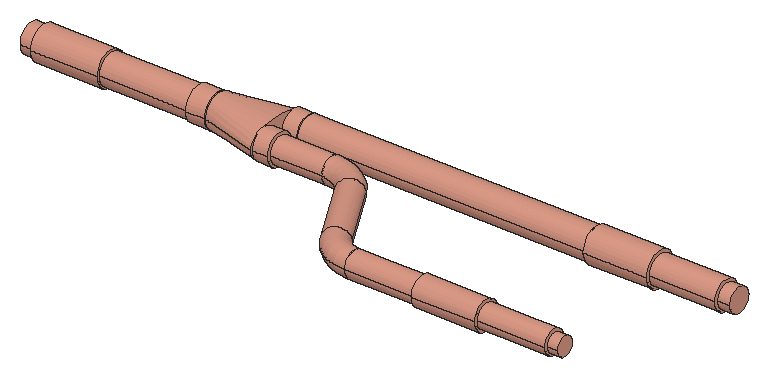
Revit family "outputfile", category 配管付属品, Revit 2024
Family settings
  丸型コネクタ寸法 = 半径を使用
  パーツ タイプ = 標準
  OmniClass 番号 = 23.65.55.00
  OmniClass タイトル = Distribution of Supplied Liquids/Gases
  作業面ベース = いいえ
  常に垂直 = はい
  ロード時にボイドで切り取り = いいえ
  共有 = いいえ
Parameters (values of type "BHRP26A73T")
  Description = ""
  製造元 = "Daikin"
  書き出し IFC クラス(タイプ) = "IfcPipeFittingType"
  定義済み IFC タイプ(タイプ) = "JUNCTION"
  Cost = 0
  Type Comments = ""
  Keynote = ""
  Type Image = (empty or 0)
  Assembly Code = ""
  mm⇔inch [instance] = yes
  l_InletPipe4 = 12.0 mm
  built-in parameter 1114242 [instance] = (empty or 0)
  Default Elevation = 0.0 mm
  モデル = "BHRP26A73T"
  table_StraightPipe [instance] = if(mm⇔inch, "Refnet Joint_BHRP26A-T_Liquid_StraightPipe", "Refnet Joint_BHRP26A-T_Liquid_StraightPipe_inch")  # "Refnet Joint_BHRP26A-T_Liquid_StraightPipe"
  table_BranchPipe [instance] = if(mm⇔inch, "Refnet Joint_BHRP26A-T_Liquid_BranchPipe", "Refnet Joint_BHRP26A-T_Liquid_BranchPipe_inch")  # "Refnet Joint_BHRP26A-T_Liquid_BranchPipe"
  table_Inlet [instance] = if(mm⇔inch, "Refnet Joint_BHRP26A-T_Liquid_Inlet", "Refnet Joint_BHRP26A-T_Liquid_Inlet_inch")  # "Refnet Joint_BHRP26A-T_Liquid_Inlet"
  switch_StraightPipe_Reducer [instance] = if(Is_StraightPipe Reducer = 1, 1 = 1, 1 = 0)  # no
  switch_StraightPipe3 [instance] = if(number_StraightPipe = 3, 1 = 1, 1 = 0)  # yes
  switch_StraightPipe2 [instance] = if(number_StraightPipe < 2, 1 = 0, 1 = 1)  # yes
  switch_BranchPipe_Reducer [instance] = if(Is_BranchPipe Reducer = 1, 1 = 1, 1 = 0)  # no
  switch_BranchPipe3 [instance] = if(number_BranchPipe = 3, 1 = 1, 1 = 0)  # yes
  switch_BranchPipe2 [instance] = if(number_BranchPipe < 2, 1 = 0, 1 = 1)  # yes
  switch_Inlet pipe_Reducer [instance] = if(Is_Inlet Reducer = 1, 1 = 1, 1 = 0)  # no
  switch_Inlet pipe3 [instance] = if(number_InletPipe = 3, 1 = 1, 1 = 0)  # no
  switch_Inlet pipe2 [instance] = if(number_InletPipe < 2, 1 = 0, 1 = 1)  # yes
  Uniclass2015Version = "Products v1.31"
  Uniclass2015Title = "Copper pipe fittings"
  Uniclass2015Code = "Pr_65_52_63_18"
  URL = ""
  StraightPipe_Liquid_ActualDiameter [instance] = 12.7 mm
  Material_Piping = DAIKIN_Copper_Pipe
  Material_Insulation = DAIKIN_White_Insulation
  lw_Insulation [instance] = size_lookup(table_Inlet, "lw_Insulation", 38.0 mm, モデル)  # 65.0 mm
  Unit Type = "BHRP26A-T_Liquid"
  Tag No. [instance] = ""
  StraightPipe_Liquid_Status [instance] = size_lookup(table_StraightPipe, "Information", "The connected pipe size is not available.", モデル, StraightPipe_Liquid_ActualDiameter)  # "Default connector size is used."
  Link_Nested Family [instance] = ""
  Inlet_Liquid_Actual Diameter [instance] = 15.9 mm
  IfcVersion = ""
  IfcExportType = "JUNCTION"
  IfcExportAs = "IfcPipeFittingType"
  BranchPipe_Liquid_Status [instance] = size_lookup(table_BranchPipe, "Information", "The connected pipe size is not available.", モデル, BranchPipe_Liquid_ActualDiameter)  # "Default connector size is used."
  Inlet_Liquid_Status [instance] = size_lookup(table_Inlet, "Information", "The connected pipe size is not available.", モデル, Inlet_Liquid_Actual Diameter)  # "Default connector size is used."
  Series = "Refnet Joint"
  O.R_dividePipe_Inlet [instance] = (I.D_InletPipe1 + 2.0 mm) / 2  # 10.55 mm
  r_StraightPipe_Connector [instance] = StraightPipe_Liquid_ActualDiameter / 2  # 6.35 mm
  r_BranchPipe_Connector [instance] = BranchPipe_Liquid_ActualDiameter / 2  # 4.75 mm
  r_Inlet_Connector [instance] = Inlet_Liquid_Actual Diameter / 2  # 7.95 mm
  number_StraightPipe [instance] = size_lookup(table_StraightPipe, "pipeNumber", 2, モデル, StraightPipe_Liquid_ActualDiameter)  # 3
  number_BranchPipe [instance] = size_lookup(table_BranchPipe, "pipeNumber", 2, モデル, BranchPipe_Liquid_ActualDiameter)  # 3
  number_InletPipe [instance] = size_lookup(table_Inlet, "pipeNumber", 1, モデル, Inlet_Liquid_Actual Diameter)  # 2
  r_BranchPipeR [instance] = size_lookup(table_BranchPipe, "r_offsetPipeR", 18.0 mm, モデル, BranchPipe_Liquid_ActualDiameter)  # 25.0 mm
  l_BranchPipe_Straight2 [instance] = size_lookup(table_BranchPipe, "L_offsetPipe2", 25.5 mm, モデル)  # 43.0 mm
  l_BranchPipe_Straight1 [instance] = size_lookup(table_BranchPipe, "L_offsetPipe1", 5.0 mm, モデル)  # 33.0 mm
  l_BranchPipe connector [instance] = size_lookup(table_BranchPipe, "Length", 150.0 mm, モデル, BranchPipe_Liquid_ActualDiameter)  # 244.0 mm
  l_inlet connector [instance] = size_lookup(table_Inlet, "Length", 70.0 mm, モデル, Inlet_Liquid_Actual Diameter)  # 118.0 mm
  l_dividePipe [instance] = size_lookup(table_Inlet, "L_devidePipe", 30.0 mm, モデル)  # 38.0 mm
  l_StraightPipeReducer [instance] = size_lookup(table_StraightPipe, "L_Reducer", 80.0 mm, モデル, StraightPipe_Liquid_ActualDiameter)  # 80.0 mm
  l_StraightPipe3 [instance] = size_lookup(table_StraightPipe, "L_Pipe3", 2.0 mm, モデル)  # 8.0 mm
  l_StraightPipe2 [instance] = size_lookup(table_StraightPipe, "L_Pipe2", 6.0 mm, モデル)  # 42.0 mm
  l_StraightPipe1 [instance] = size_lookup(table_StraightPipe, "L_Pipe1", 44.0 mm, モデル)  # 40.0 mm
  l_StraightPipe0 [instance] = size_lookup(table_StraightPipe, "L_Pipe0", 130.0 mm, モデル)  # 182.0 mm
  l_StraightPipe connector [instance] = size_lookup(table_StraightPipe, "Length", 190.0 mm, モデル, StraightPipe_Liquid_ActualDiameter)  # 282.0 mm
  l_BranchPipe Reducer [instance] = size_lookup(table_BranchPipe, "L_Reducer", 50.0 mm, モデル, BranchPipe_Liquid_ActualDiameter)  # 50.0 mm
  l_BranchPipe3 [instance] = size_lookup(table_BranchPipe, "L_Pipe3", 2.0 mm, モデル)  # 7.0 mm
  l_BranchPipe2 [instance] = size_lookup(table_BranchPipe, "L_Pipe2", 6.0 mm, モデル)  # 43.0 mm
  l_BranchPipe1 [instance] = size_lookup(table_BranchPipe, "L_Pipe1", 44.0 mm, モデル)  # 40.0 mm
  l_BranchPipe0 [instance] = size_lookup(table_BranchPipe, "L_Pipe0", 90.0 mm, モデル)  # 144.0 mm
  l_InletReducer [instance] = size_lookup(table_Inlet, "L_Reducer", 80.0 mm, モデル, Inlet_Liquid_Actual Diameter)  # 100.0 mm
  l_InletPipe3 [instance] = size_lookup(table_Inlet, "L_Pipe3", 2.0 mm, モデル)  # 2.0 mm
  l_InletPipe2 [instance] = size_lookup(table_Inlet, "L_Pipe2", 2.0 mm, モデル)  # 8.0 mm
  l_InletPipe1 [instance] = size_lookup(table_Inlet, "L_Pipe1", 7.0 mm, モデル)  # 42.0 mm
  l_InletPipe0 [instance] = size_lookup(table_Inlet, "L_Pipe0", 53.0 mm, モデル)  # 56.0 mm
  center_StraightPipe [instance] = size_lookup(table_StraightPipe, "center_Pipe", 6.5 mm, モデル)  # 11.5 mm
  center_BranchPipe2 [instance] = size_lookup(table_BranchPipe, "center_OffsetPipe", 73.5 mm, モデル)  # 78.5 mm
  center_BranchPipe1 [instance] = size_lookup(table_BranchPipe, "center_Pipe", 6.5 mm, モデル)  # 11.5 mm
  StraightPipe_Liquid_AvailableDiameter [instance] = size_lookup(table_StraightPipe, "sizeVariation", "", モデル)  # "12.7/15.9/19.1mm"
  BranchPipe_Liquid_AvailableDiameter [instance] = size_lookup(table_BranchPipe, "sizeVariation", "", モデル)  # "6.4/9.5/12.7/15.9mm"
  Inlet_Liquid_Available Diameter [instance] = size_lookup(table_Inlet, "sizeVariation", "", モデル)  # "15.9/19.1/22.2mm"
  O.D_StraightPipe Reducer [instance] = size_lookup(table_StraightPipe, "O.D_reducer", 2.0 mm, モデル, StraightPipe_Liquid_ActualDiameter)  # 2.0 mm
  O.D_Offset Outlet Reducer [instance] = size_lookup(table_BranchPipe, "O.D_reducer", 2.0 mm, モデル, BranchPipe_Liquid_ActualDiameter)  # 2.0 mm
  O.D_Inlet Reducer [instance] = size_lookup(table_Inlet, "O.D_reducer", 2.0 mm, モデル, Inlet_Liquid_Actual Diameter)  # 2.0 mm
  Is_StraightPipe Reducer [instance] = size_lookup(table_StraightPipe, "IsReducer", 0, モデル, StraightPipe_Liquid_ActualDiameter)  # 0
  Is_BranchPipe Reducer [instance] = size_lookup(table_BranchPipe, "IsReducer", 0, モデル, BranchPipe_Liquid_ActualDiameter)  # 0
  Is_Inlet Reducer [instance] = size_lookup(table_Inlet, "IsReducer", 0, モデル, Inlet_Liquid_Actual Diameter)  # 0
  BranchPipe_Liquid_ActualDiameter [instance] = 9.5 mm
  Attach_Insulation [instance] = no
  I.D_StraightPipe3 [instance] = size_lookup(table_StraightPipe, "I.D_PipeSize3", 2.0 mm, モデル)  # 12.7 mm
  I.D_StraightPipe2 [instance] = size_lookup(table_StraightPipe, "I.D_PipeSize2", 6.4 mm, モデル)  # 15.9 mm
  I.D_StraightPipe1 [instance] = size_lookup(table_StraightPipe, "I.D_PipeSize1", 9.5 mm, モデル)  # 19.1 mm
  I.D_StraightPipe0 [instance] = size_lookup(table_StraightPipe, "I.D_PipeSize0", 7.5 mm, モデル)  # 17.1 mm
  I.D_BranchPipe3 [instance] = size_lookup(table_BranchPipe, "I.D_PipeSize3", 2.0 mm, モデル)  # 9.5 mm
  I.D_BranchPipe2 [instance] = size_lookup(table_BranchPipe, "I.D_PipeSize2", 6.4 mm, モデル)  # 12.7 mm
  I.D_BranchPipe1 [instance] = size_lookup(table_BranchPipe, "I.D_PipeSize1", 9.5 mm, モデル)  # 15.9 mm
  I.D_BranchPipe0 [instance] = size_lookup(table_BranchPipe, "I.D_PipeSize0", 7.5 mm, モデル)  # 13.9 mm
  I.D_Straight Reducer [instance] = size_lookup(table_StraightPipe, "I.D_reducer", 2.0 mm, モデル, StraightPipe_Liquid_ActualDiameter)  # 2.0 mm
  I.D_OutletPipe [instance] = size_lookup(table_Inlet, "I.D_OutletPipeSize", 9.6 mm, モデル, Inlet_Liquid_Actual Diameter)  # 17.0 mm
  I.D_Branch Reducer [instance] = size_lookup(table_BranchPipe, "I.D_reducer", 2.0 mm, モデル, BranchPipe_Liquid_ActualDiameter)  # 2.0 mm
  I.D_Inlet Reducer [instance] = size_lookup(table_Inlet, "I.D_reducer", 2.0 mm, モデル, Inlet_Liquid_Actual Diameter)  # 2.0 mm
  I.D_InletPipe3 [instance] = size_lookup(table_Inlet, "I.D_PipeSize3", 2.0 mm, モデル)  # 2.0 mm
  I.D_InletPipe2 [instance] = size_lookup(table_Inlet, "I.D_PipeSize2", 2.0 mm, モデル)  # 15.9 mm
  I.D_InletPipe1 [instance] = size_lookup(table_Inlet, "I.D_PipeSize1", 9.5 mm, モデル)  # 19.1 mm
  I.D_InletPipe0 [instance] = size_lookup(table_Inlet, "I.D_PipeSize0", 7.5 mm, モデル)  # 17.1 mm
Reference planes
  plane 1 "Center (Front/Back)": y = 0
  plane 2: z = 0
  plane 3 "base_left": x = 0
  plane 4: x = 2
  plane 5: x = 10
  plane 6: x = 52
  plane 7: x = 108
  plane 8: x = 120
  plane 9: x = 158
  plane 10: x = 168
  plane 11 "center_straight outlet": y = 11.5
  plane 12 "center2_offset outlet": y = -78.5
  plane 13 "center1_offset outlet": y = -11.5
  plane 14: x = 350
  plane 15: x = 390
  plane 16: x = 432
  plane 17: x = 312
  plane 18: x = 352
  plane 19: x = 395
  plane 20: x = 440
  plane 21: x = 402
  plane 22 "Reducer_straightoutlet": x = 402
  plane 23: x = 440
  plane 24: y = -22.05
  plane 25: z = 10.55
  plane 26 "Inlet_connector": x = 2
  plane 27 "Left_Insulation": x = 55
Forms (mm)
  SweptBlend 1, solid, material "DAIKIN_Copper_Pipe" <- "Material_Piping"
    path origin (0, 0, 0) x (1, 0, 0) y (0, 1, 0)
      loop
        line (120, 0) -> (158, 0)
    profile origin (120, 0, 0) x (0, 1, 0) y (0, 0, 1)
      loop
        circle (0, 0) r 10.55
    end profile origin (158, 0, 0) x (0, 1, 0) y (0, 0, 1)
      loop
        spline (-22.05, 0) -> (-21.299, -2.731) -> (-19.096, -5.275) -> (-15.592, -7.46) -> (-11.025, -9.137) -> (-5.707, -10.191) -> (0, -10.55) -> (5.707, -10.191) -> (11.025, -9.137) -> (15.592, -7.46) -> (19.096, -5.275) -> (21.299, -2.731) -> (22.05, 0)
        spline (22.05, 0) -> (21.299, 2.731) -> (19.096, 5.275) -> (15.592, 7.46) -> (11.025, 9.137) -> (5.707, 10.191) -> (0, 10.55) -> (-5.707, 10.191) -> (-11.025, 9.137) -> (-15.592, 7.46) -> (-19.096, 5.275) -> (-21.299, 2.731) -> (-22.05, 0)
Dimensions and locks
  "l_InletPipe3": plane 3 "base_left" to plane 4
  "l_InletPipe2": plane 4 to plane 5
  "l_InletPipe1": plane 5 to plane 6
  "l_InletPipe0": plane 6 to plane 7
  "l_InletPipe4": plane 7 to plane 8
  "center_StraightPipe": plane 1 "Center (Front/Back)" to plane 11 "center_straight outlet"
  "center_BranchPipe2": plane 12 "center2_offset outlet" to plane 1 "Center (Front/Back)"
  "center_BranchPipe1": plane 13 "center1_offset outlet" to plane 1 "Center (Front/Back)"
  "l_dividePipe": plane 8 to plane 9
  plane 9 to plane 10 = 10.0 mm
  "l_StraightPipe0": plane 10 to plane 14
  "l_BranchPipe0": plane 10 to plane 17
  "l_BranchPipe1": plane 17 to plane 18
  "l_BranchPipe2": plane 18 to plane 19
  "l_StraightPipe1": plane 14 to plane 15
  "l_StraightPipe2": plane 15 to plane 16
  "l_StraightPipe3": plane 16 to plane 20
  "l_BranchPipe3": plane 19 to plane 21
  "l_BranchPipe connector": plane 9 to plane 22 "Reducer_straightoutlet"
  "l_StraightPipe connector": plane 9 to plane 23
  "O.R_dividePipe_Inlet": plane 24 to plane 13 "center1_offset outlet"
  "O.R_dividePipe_Inlet": plane 25 to plane 2
  "l_inlet connector": plane 26 "Inlet_connector" to plane 8
  "lw_Insulation": plane 27 "Left_Insulation" to plane 8
  "O.R_dividePipe_Inlet": radius of SweptBlend 1 sketch curve
  aligned and locked: level to plane 2
  aligned and locked: plane 2 to nested 1
  aligned and locked: plane 3 "base_left" to nested 1
  aligned and locked: plane 1 "Center (Front/Back)" to nested 1
  aligned and locked: plane 4 to nested 2
  aligned and locked: plane 1 "Center (Front/Back)" to nested 2
  aligned and locked: plane 5 to nested 2
  aligned and locked: plane 5 to nested 3
  aligned and locked: plane 6 to nested 3
  aligned and locked: plane 6 to nested 4
  aligned and locked: nested 4 to plane 7
  aligned and locked: nested 5 to plane 7
  aligned and locked: nested 5 to plane 8
  aligned and locked: plane 8 to SweptBlend 1 sketch curve
  aligned and locked: plane 9 to SweptBlend 1 sketch curve
  aligned and locked: plane 2 to SweptBlend 1 sketch curve  (x2)
  aligned and locked: plane 1 "Center (Front/Back)" to SweptBlend 1 sketch curve  (x2)
  aligned and locked: nested 6 to plane 9
  aligned and locked: nested 7 to plane 9
  aligned and locked: nested 6 to plane 11 "center_straight outlet"
  aligned and locked: nested 7 to plane 13 "center1_offset outlet"
  aligned and locked: nested 7 to plane 10
  aligned and locked: nested 6 to plane 10
  aligned and locked: nested 8 to plane 10
  aligned and locked: plane 14 to nested 8
  aligned and locked: nested 8 to plane 11 "center_straight outlet"
  aligned and locked: plane 14 to nested 9
  aligned and locked: nested 9 to plane 11 "center_straight outlet"
  aligned and locked: plane 15 to nested 9
  aligned and locked: nested 10 to plane 11 "center_straight outlet"
  aligned and locked: plane 15 to nested 10
  aligned and locked: plane 16 to nested 10
  aligned and locked: nested 11 to plane 12 "center2_offset outlet"
  aligned and locked: plane 17 to nested 11
  aligned and locked: plane 18 to nested 11
  aligned and locked: nested 12 to plane 12 "center2_offset outlet"
  aligned and locked: plane 18 to nested 12
  aligned and locked: plane 19 to nested 12
  aligned and locked: nested 13 to plane 10
  aligned and locked: nested 13 to plane 13 "center1_offset outlet"
  aligned and locked: nested 13 to plane 12 "center2_offset outlet"
  aligned and locked: plane 8 to nested 14
  aligned and locked: plane 1 "Center (Front/Back)" to nested 14
  aligned and locked: plane 11 "center_straight outlet" to nested 15
  aligned and locked: nested 15 to plane 9
  aligned and locked: nested 16 to plane 9
  aligned and locked: plane 12 "center2_offset outlet" to nested 16
  aligned and locked: nested 17 to plane 1 "Center (Front/Back)"
  aligned and locked: plane 16 to nested 18
  aligned and locked: plane 20 to nested 18
  aligned and locked: plane 19 to nested 19
  aligned and locked: plane 21 to nested 19
  aligned and locked: nested 20 to plane 12 "center2_offset outlet"
  aligned and locked: plane 23 to nested 21
  aligned and locked: nested 21 to plane 11 "center_straight outlet"
  aligned and locked: plane 4 to nested 1
  aligned and locked: plane 24 to SweptBlend 1 sketch curve
  aligned and locked: plane 25 to SweptBlend 1 sketch curve
  aligned and locked: nested 19 to plane 12 "center2_offset outlet"
  aligned and locked: nested 18 to plane 11 "center_straight outlet"
  aligned and locked: nested 17 to plane 26 "Inlet_connector"
  aligned and locked: plane 22 "Reducer_straightoutlet" to nested 20
  aligned and locked: nested 22 to plane 27 "Left_Insulation"
  aligned and locked: plane 1 "Center (Front/Back)" to nested 22
Automatic sketch dimensions
  plane 1 "Center (Front/Back)" to SweptBlend 1 sketch curve = 0.0 mm
Nested families
  nested 1: "daikin_Pipe" at (1, 0, 0), I.D_Pipe <- "I.D_InletPipe3", display <- "switch_Inlet pipe3", type "*"
    with length_Pipe 2.0 mm, display no, O.D_Pipe 4.0 mm, I.D_Pipe 2.0 mm
  nested 2: "daikin_Pipe" at (6, 0, 0), I.D_Pipe <- "I.D_InletPipe2", display <- "switch_Inlet pipe2", type "*"
    with length_Pipe 8.0 mm, display yes, O.D_Pipe 17.9 mm, I.D_Pipe 15.9 mm
  nested 3: "daikin_Pipe" at (31, 0, 0), I.D_Pipe <- "I.D_InletPipe1", type "*"
    with length_Pipe 42.0 mm, display yes, O.D_Pipe 21.1 mm, I.D_Pipe 19.1 mm
  nested 4: "daikin_Pipe" at (80, 0, 0), I.D_Pipe <- "I.D_InletPipe0", type "*"
    with length_Pipe 56.0 mm, display yes, O.D_Pipe 19.1 mm, I.D_Pipe 17.1 mm
  nested 5: "daikin_Pipe" at (114, 0, 0), I.D_Pipe <- "I.D_InletPipe1", type "*"
    with length_Pipe 12.0 mm, display yes, O.D_Pipe 21.1 mm, I.D_Pipe 19.1 mm
  nested 6: "daikin_Pipe" at (163, 11.5, 0), I.D_Pipe <- "I.D_OutletPipe", type "*"
    with length_Pipe 10.0 mm, display yes, O.D_Pipe 19.0 mm, I.D_Pipe 17.0 mm
  nested 7: "daikin_Pipe" at (163, -11.5, 0), I.D_Pipe <- "I.D_OutletPipe", type "*"
    with length_Pipe 10.0 mm, display yes, O.D_Pipe 19.0 mm, I.D_Pipe 17.0 mm
  nested 8: "daikin_Pipe" at (259, 11.5, 0), I.D_Pipe <- "I.D_StraightPipe0", type "*"
    with length_Pipe 182.0 mm, display yes, O.D_Pipe 19.1 mm, I.D_Pipe 17.1 mm
  nested 9: "daikin_Pipe" at (370, 11.5, 0), I.D_Pipe <- "I.D_StraightPipe1", type "*"
    with length_Pipe 40.0 mm, display yes, O.D_Pipe 21.1 mm, I.D_Pipe 19.1 mm
  nested 10: "daikin_Pipe" at (411, 11.5, 0), I.D_Pipe <- "I.D_StraightPipe2", display <- "switch_StraightPipe2", type "*"
    with length_Pipe 42.0 mm, display yes, O.D_Pipe 17.9 mm, I.D_Pipe 15.9 mm
  nested 11: "daikin_Pipe" at (332, -78.5, 0), I.D_Pipe <- "I.D_BranchPipe1", type "*"
    with length_Pipe 40.0 mm, display yes, O.D_Pipe 17.9 mm, I.D_Pipe 15.9 mm
  nested 12: "daikin_Pipe" at (373.5, -78.5, 0), I.D_Pipe <- "I.D_BranchPipe2", display <- "switch_BranchPipe2", type "*"
    with length_Pipe 43.0 mm, display yes, O.D_Pipe 14.7 mm, I.D_Pipe 12.7 mm
  nested 13: "daikin_Pipe Ofsset" at (168, -11.5, 0), I.D_Pipe size <- "I.D_BranchPipe0", length_straight pipe1 <- "l_BranchPipe_Straight1", length_straight pipe2 <- "l_BranchPipe_Straight2", r_Pipe R <- "r_BranchPipeR", length_Pipe <- "l_BranchPipe0", type "*"
    with r_Pipe R 25.0 mm, length_straight pipe2 43.0 mm, length_straight pipe1 33.0 mm, length_offset center 67.0 mm, length_Pipe 144.0 mm, O.D_Pipe size 15.9 mm, I.D_Pipe size 13.9 mm
  nested 14: "daikin_connector_rotate2" at (120, 0, 0) x (0, -1, 0) z (0, 0, 1), length <- "l_inlet connector", type "daikin_connector_rotate2"
    with radius 5.0 mm, length 118.0 mm, angle_vertical 90.00°, locaton_mark no
  nested 15: "daikin_connector_rotate2" at (158, 11.5, 0) x (0, 1, 0) z (0, 0, 1), length <- "l_StraightPipe connector", type "daikin_connector_rotate2"
    with radius 5.0 mm, length 282.0 mm, angle_vertical 90.00°, locaton_mark no
  nested 16: "daikin_connector_rotate2" at (158, -78.5, 0) x (0, 1, 0) z (0, 0, 1), length <- "l_BranchPipe connector", type "daikin_connector_rotate2"
    with radius 5.0 mm, length 244.0 mm, angle_vertical 90.00°, locaton_mark no
  nested 17: "daikin_Pipe_reducer" at (52, 0, 0) x (-1, 0, 0) z (0, 0, 1), display <- "switch_Inlet pipe_Reducer", length_Pipe <- "l_InletReducer", I.D_Pipe1 <- "I.D_Inlet Reducer", O.D_Pipe2 <- "O.D_Inlet Reducer", type "*"
    with length_Pipe 100.0 mm, display no, O.D_Pipe2 2.0 mm, O.D_Pipe1 4.0 mm, I.D_Pipe2 0.0 mm, I.D_Pipe1 2.0 mm
  nested 18: "daikin_Pipe" at (436, 11.5, 0), I.D_Pipe <- "I.D_StraightPipe3", display <- "switch_StraightPipe3", type "*"
    with length_Pipe 8.0 mm, display yes, O.D_Pipe 14.7 mm, I.D_Pipe 12.7 mm
  nested 19: "daikin_Pipe" at (398.5, -78.5, 0), I.D_Pipe <- "I.D_BranchPipe3", display <- "switch_BranchPipe3", type "*"
    with length_Pipe 7.0 mm, display yes, O.D_Pipe 11.5 mm, I.D_Pipe 9.5 mm
  nested 20: "daikin_Pipe_reducer" at (377, -78.5, 0), I.D_Pipe1 <- "I.D_Branch Reducer", O.D_Pipe2 <- "O.D_Offset Outlet Reducer", length_Pipe <- "l_BranchPipe Reducer", display <- "switch_BranchPipe_Reducer", type "*"
    with length_Pipe 50.0 mm, display no, O.D_Pipe2 2.0 mm, O.D_Pipe1 4.0 mm, I.D_Pipe2 0.0 mm, I.D_Pipe1 2.0 mm
  nested 21: "daikin_Pipe_reducer" at (400, 11.5, 0), I.D_Pipe1 <- "I.D_Straight Reducer", O.D_Pipe2 <- "O.D_StraightPipe Reducer", length_Pipe <- "l_StraightPipeReducer", display <- "switch_StraightPipe_Reducer", type "*"
    with length_Pipe 80.0 mm, display no, O.D_Pipe2 2.0 mm, O.D_Pipe1 4.0 mm, I.D_Pipe2 0.0 mm, I.D_Pipe1 2.0 mm
  nested 22: "daikin_Insulation_RefnetJoint" at (55, 0, 0), I.D_Outlet PipeSize <- "I.D_OutletPipe", type "*"
    with h 49.0 mm, I.D_Outlet PipeSize 17.0 mm, d_Insulation3_3 74.9 mm, d_Insulation2_2 40.2 mm, d_Insulation1_1 27.2 mm, w_Insulation5 238.0 mm, w_Insulation4 55.9 mm, w_Insulation3 42.1 mm, w_Insulation2 71.0 mm, w_Insulation1 28.0 mm, display no, d_Insulation3 68.4 mm, d_Insulation2 38.9 mm, d_Insulation1 25.8 mm
Connectors
  piping at (2, 0, 0), diameter 15.9, driven by "r_Inlet_Connector"
    settings: on nested 14, index 1, connector inside diameter 609.6 mm, connector length 0.0 mm, flow factor 0, pipe flow 0.00 m³/h, pressure drop 0.0 Pa, fitting loss kfactor 0, connector angle 0.00°, fixture units 0, engagement length 0.0 mm, angle of deflection 0.00°, flow configuration 0, flow direction 1, fitting loss method 0, system type 29, joint type 0, gender type 0, connector reference index -1, connector utility 0, adjustable connector no, is connector primary yes, connector description "Refnet Joint_Inlet_Liquid"
  piping at (402, -78.5, 0), diameter 9.5, driven by "r_BranchPipe_Connector"
    settings: on nested 16, index 2, connector inside diameter 609.6 mm, connector length 0.0 mm, flow factor 0, pipe flow 0.00 m³/h, pressure drop 0.0 Pa, fitting loss kfactor 0, connector angle 0.00°, fixture units 0, engagement length 0.0 mm, angle of deflection 0.00°, flow configuration 0, flow direction 2, fitting loss method 0, system type 29, joint type 0, gender type 0, connector reference index -1, connector utility 0, adjustable connector no, is connector primary no, connector description "Refnet Joint_Outlet Branch_Liquid"
  piping at (440, 11.5, 0), diameter 12.7, driven by "r_StraightPipe_Connector"
    settings: on nested 15, index 3, connector inside diameter 609.6 mm, connector length 0.0 mm, flow factor 0, pipe flow 0.00 m³/h, pressure drop 0.0 Pa, fitting loss kfactor 0, connector angle 0.00°, fixture units 0, engagement length 0.0 mm, angle of deflection 0.00°, flow configuration 0, flow direction 2, fitting loss method 0, system type 29, joint type 0, gender type 0, connector reference index -1, connector utility 0, adjustable connector no, is connector primary no, connector description "Refnet Joint_Outlet Straight_Liquid"
Definition of nested family "daikin_Pipe"
  Parameters (values of type "*")
    Default Elevation = 0.0 mm
    material = none
    length_Pipe [instance] = 150.0 mm
    display [instance] = yes
    O.D_Pipe [instance] = I.D_Pipe + 2.0 mm  # 27.0 mm
    I.D_Pipe [instance] = 25.0 mm
  Reference planes
    plane 1 "Center (Front/Back)": y = 0
    plane 2 "center(vertical)": z = 0
    plane 3 "Center (Left/Right)": x = 0
    plane 4 "left": x = -75
    plane 5 "right": x = 75
  Forms (mm)
    Extrusion 1, solid, material <- "material", visible <- "display"
      sketch origin (0, 0, 0) x (0, 1, 0) y (0, 0, 1)
        loop
          circle (0, 0) r 13.5
      from -75 to 75
  Dimensions and locks
    equal spacing: plane 4 "left", plane 3 "Center (Left/Right)", plane 5 "right"
    "length_Pipe": plane 4 "left" to plane 5 "right"
    "O.D_Pipe": diameter of Extrusion 1 sketch curve
    aligned and locked: level to plane 2 "center(vertical)"
    aligned and locked: plane 2 "center(vertical)" to Extrusion 1 sketch curve
    aligned and locked: plane 1 "Center (Front/Back)" to Extrusion 1 sketch curve
    aligned and locked: plane 5 "right" to Extrusion 1
    aligned and locked: Extrusion 1 to plane 4 "left"
Definition of nested family "daikin_Pipe Ofsset"
  Parameters (values of type "*")
    Default Elevation = 0.0 mm
    r_Pipe R [instance] = 18.0 mm
    material = none
    length_straight pipe2 [instance] = 25.5 mm
    length_straight pipe1 [instance] = 5.0 mm
    length_offset center [instance] = 67.5 mm
    length_Pipe [instance] = 90.0 mm
    O.D_Pipe size [instance] = I.D_Pipe size + 2.0 mm  # 12.0 mm
    I.D_Pipe size [instance] = 10.0 mm
  Reference planes
    plane 1 "Center (Front/Back)": y = 0
    plane 2: z = 0
    plane 3 "Center (Left/Right)": x = 0
    plane 4: y = -67.5
    plane 5: x = 90
    plane 6: x = 64.5
    plane 7: x = 5
  Forms (mm)
    Sweep 1, solid, material <- "material"
      path origin (0, 0, 0) x (1, 0, 0) y (0, 1, 0)
        loop
          line (0, 0) -> (5, 0)
          arc (5, 0) -> (14.03, -2.429) -> (20.623, -9.061) r 18
          line (20.623, -9.061) -> (48.877, -58.439)
          arc (48.877, -58.439) -> (55.47, -65.071) -> (64.5, -67.5) r 18
          line (64.5, -67.5) -> (90, -67.5)
      profile origin (2.5, 0, 0) x (0, 1, 0) y (0, 0, 1)
        loop
          circle (0, 0) r 6
  Dimensions and locks
    "length_offset center": plane 4 to plane 1 "Center (Front/Back)"
    "length_straight pipe1": plane 3 "Center (Left/Right)" to plane 7
    "length_Pipe": plane 3 "Center (Left/Right)" to plane 5
    "length_straight pipe2": plane 6 to plane 5
    "O.D_Pipe size": diameter of Sweep 1 sketch curve
    "r_Pipe R": radius of Sweep 1 sketch curve  (x2)
    aligned and locked: level to plane 2
    aligned and locked: plane 1 "Center (Front/Back)" to Sweep 1 sketch curve
    aligned and locked: profile plane to Sweep 1 sketch curve
    aligned and locked: plane 5 to Sweep 1 sketch curve
    aligned and locked: plane 7 to Sweep 1 sketch curve
    aligned and locked: plane 6 to Sweep 1 sketch curve
  Automatic sketch dimensions
    plane 1 "Center (Front/Back)" to Sweep 1 sketch curve = 0.0 mm
    Sweep 1 sketch curve to plane 3 "Center (Left/Right)" = 0.0 mm
    plane 4 to Sweep 1 sketch curve = 0.0 mm
Definition of nested family "daikin_connector_rotate2"
  Parameters (values of type "daikin_connector_rotate2")
    show_face = no
    radius [instance] = 10.0 mm
    locaton_mark = yes
    length [instance] = 600.0 mm
    d_surface = 10.0 mm
    angle_vertical [instance] = 90.00°
    Default Elevation = 0.0 mm
  Reference planes
    plane 1 "Center (Front/Back)": y = 0
    plane 2: z = 0
    plane 3 "Center (Left/Right)": x = 0
  Forms (mm)
    Extrusion 1, solid, visible <- "show_face"
      sketch origin (0, -600, 0) x (1, 0, 0) y (0, 0, 1)
        loop
          circle (0, 0) r 10
      from 0 to -10
  Lines and regions (mm)
    reference lines
      curve 1: line (0, 0, 0) -> (0, -600, 0)
    symbolic lines, visible <- "locaton_mark"
      curve 2: circle (0, 0, 0) r 5 normal (0, 0, 1)
    model lines, visible <- "show_face"
      curve 3: line (0, 0, 0) -> (0, -600, 0)
  Dimensions and locks
    "length": curve 1 to curve 1
    "length": curve 3 to curve 3
    "d_surface": Extrusion 1 to Extrusion 1
    "radius": radius of Extrusion 1 sketch curve
    "angle_vertical": angle curve 1 to plane 1 "Center (Front/Back)"
    "angle_vertical": angle curve 3 to plane 1 "Center (Front/Back)"
    aligned and locked: level to plane 2
    aligned and locked: plane 1 "Center (Front/Back)" to curve 1
    aligned and locked: plane 2 to curve 1
    aligned and locked: plane 1 "Center (Front/Back)" to curve 2
    aligned and locked: plane 3 "Center (Left/Right)" to curve 2
    aligned and locked: plane 1 "Center (Front/Back)" to curve 3
    aligned and locked: plane 2 to curve 3
    aligned and locked: Extrusion 1 to Extrusion 1
  Automatic sketch dimensions
    Extrusion 1 sketch curve to level = 0.0 mm
    Extrusion 1 sketch curve to plane 3 "Center (Left/Right)" = 0.0 mm
    radius of curve 2 = 5.0 mm
Definition of nested family "daikin_Pipe_reducer"
  Parameters (values of type "*")
    Default Elevation = 0.0 mm
    material = none
    length_Pipe [instance] = 250.0 mm
    display [instance] = yes
    O.D_Pipe2 [instance] = 19.1 mm
    O.D_Pipe1 [instance] = I.D_Pipe1 + 2.0 mm  # 24.2 mm
    I.D_Pipe2 [instance] = O.D_Pipe2 - 2.0 mm  # 17.1 mm
    I.D_Pipe1 [instance] = 22.2 mm
  Reference planes
    plane 1 "Center (Front/Back)": y = 0
    plane 2 "center(vertical)": z = 0
    plane 3 "Center (Left/Right)": x = 0
    plane 4 "connection": x = -125
    plane 5 "right": x = 113
    plane 6: x = 125
  Forms (mm)
    Extrusion 1, solid, material <- "material", visible <- "display"
      sketch origin (0, 0, 0) x (0, 1, 0) y (0, 0, 1)
        loop
          circle (0, 0) r 9.55
      from -125 to 113
    Extrusion 2, solid, material <- "material", visible <- "display"
      sketch origin (0, 0, 0) x (0, 1, 0) y (0, 0, 1)
        loop
          circle (0, 0) r 12.1
      from 113 to 125
  Dimensions and locks
    locked: plane 5 "right" to plane 6 at 12
    "length_Pipe": plane 4 "connection" to plane 6
    equal spacing: plane 4 "connection", plane 3 "Center (Left/Right)", plane 6
    "O.D_Pipe2": diameter of Extrusion 1 sketch curve
    "O.D_Pipe1": diameter of Extrusion 2 sketch curve
    aligned and locked: level to plane 2 "center(vertical)"
    aligned and locked: plane 2 "center(vertical)" to Extrusion 1 sketch curve
    aligned and locked: plane 1 "Center (Front/Back)" to Extrusion 1 sketch curve
    aligned and locked: plane 5 "right" to Extrusion 1
    aligned and locked: Extrusion 1 to plane 4 "connection"
    aligned and locked: plane 2 "center(vertical)" to Extrusion 2 sketch curve
    aligned and locked: plane 1 "Center (Front/Back)" to Extrusion 2 sketch curve
    aligned and locked: Extrusion 2 to plane 5 "right"
    aligned and locked: plane 6 to Extrusion 2
Definition of nested family "daikin_Insulation_RefnetJoint"
  Parameters (values of type "*")
    d_Insulation3_3 = size_lookup(table_Insulation, "d_Insulation3_3", 131.5 mm, Model)  # 64.0 mm
    d_Insulation2_2 = size_lookup(table_Insulation, "d_Insulation2_2", 79.0 mm, Model)  # 30.0 mm
    d_Insulation1_1 = size_lookup(table_Insulation, "d_Insulation1_1", 56.0 mm, Model)  # 22.0 mm
    Default Elevation = 0.0 mm
    Model = "BHRP26A22T"
    w_Insulation5 = size_lookup(table_Insulation, "w_Insulation5", 212.0 mm, Model)  # 153.0 mm
    w_Insulation4 = size_lookup(table_Insulation, "w_Insulation4", 67.0 mm, Model)  # 48.6 mm
    w_Insulation3 = size_lookup(table_Insulation, "w_Insulation3", 34.7 mm, Model)  # 22.3 mm
    w_Insulation2 = size_lookup(table_Insulation, "w_Insulation2", 80.0 mm, Model)  # 37.5 mm
    w_Insulation1 = size_lookup(table_Insulation, "w_Insulation1", 22.0 mm, Model)  # 1.0 mm
    table_Insulation = "Refnet Joint_BHRP26A-T_Liquid_Insulation"  # constant formula
    material = none
    h [instance] = (I.D_Outlet PipeSize + 2.0 mm) + 30.0 mm  # 47.0 mm
    display = yes
    d_Insulation3 = size_lookup(table_Insulation, "d_Insulation3", 131.5 mm, Model)  # 63.0 mm
    d_Insulation2 = size_lookup(table_Insulation, "d_Insulation2", 79.0 mm, Model)  # 32.0 mm
    d_Insulation1 = size_lookup(table_Insulation, "d_Insulation1", 56.0 mm, Model)  # 24.0 mm
    I.D_Outlet PipeSize [instance] = 15.0 mm
  Reference planes
    plane 1 "Center (Front/Back)": y = 0
    plane 2: z = 0
    plane 3 "Left": x = 0
    plane 4 "top": z = 23.5
    plane 5 "bottom": z = -23.5
    plane 6: x = 1
    plane 7: x = 37.5
    plane 8: y = 22
    plane 9: y = -24
    plane 10: y = 30
    plane 11: y = -32
    plane 12: y = -97
    plane 13: x = 153
    plane 14: y = -34
    plane 15: x = 59.8
    plane 16: x = 104.4
  Forms (mm)
    Extrusion 1, solid, material <- "material", visible <- "display"
      sketch origin (-21, 0, 0) x (1, 0, 0) y (0, 1, 0)
        loop
          line (22, 22) -> (21, 22) -> (21, -24) -> (22, -24) -> (58.5, -32) -> (80.8, -32) -> (125.4, -97) -> (174, -97) -> (174, -51) -> (164.5, -51)
          arc (164.5, -51) -> (147.5, -34) -> (164.5, -17) r 17
          line (164.5, -17) -> (174, -17) -> (174, 30) -> (58.5, 30) -> (22, 22)
      from -23.5 to 23.5
  Dimensions and locks
    equal spacing: plane 4 "top", plane 2, plane 5 "bottom"
    "h": plane 4 "top" to plane 5 "bottom"
    "w_Insulation1": plane 3 "Left" to plane 6
    "w_Insulation2": plane 3 "Left" to plane 7
    "w_Insulation5": plane 3 "Left" to plane 13
    "w_Insulation3": plane 7 to plane 15
    "w_Insulation4": plane 16 to plane 13
    "d_Insulation1": plane 1 "Center (Front/Back)" to plane 9
    "d_Insulation1_1": plane 8 to plane 1 "Center (Front/Back)"
    "d_Insulation2": plane 1 "Center (Front/Back)" to plane 11
    "d_Insulation2_2": plane 10 to plane 1 "Center (Front/Back)"
    "d_Insulation3_3": plane 10 to plane 14
    "d_Insulation3": plane 14 to plane 12
    Extrusion 1 sketch curve to plane 14 to Extrusion 1 sketch curve = 17.0 mm locked, 17.0 mm locked
    aligned and locked: level to plane 2
    aligned and locked: Extrusion 1 to plane 5 "bottom"
    aligned and locked: plane 4 "top" to Extrusion 1
    aligned and locked: plane 6 to Extrusion 1  (x2)
    aligned and locked: plane 7 to Extrusion 1  (x2)
    aligned and locked: plane 6 to Extrusion 1 sketch curve
    aligned and locked: Extrusion 1 sketch curve to plane 11
    aligned and locked: plane 7 to Extrusion 1 sketch curve  (x2)
    aligned and locked: Extrusion 1 sketch curve to plane 10
    aligned and locked: Extrusion 1 sketch curve to plane 12
    aligned and locked: Extrusion 1 sketch curve to plane 13  (x2)
    aligned and locked: plane 16 to Extrusion 1 sketch curve
    aligned and locked: plane 15 to Extrusion 1 sketch curve
  Automatic sketch dimensions
    Extrusion 1 sketch curve to plane 3 "Left" = 0.0 mm
    Extrusion 1 sketch curve to plane 6 = 0.0 mm
    Extrusion 1 sketch curve to plane 9 = 0.0 mm
    Extrusion 1 sketch curve to plane 8 = 0.0 mm
    Extrusion 1 sketch curve to plane 13 = 9.5 mm
